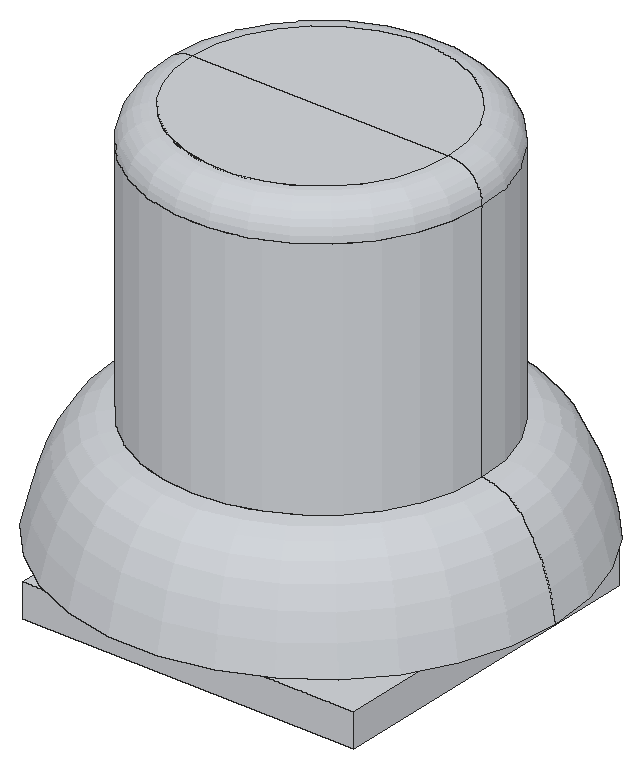
Revit family "M_Ventilador de exaustão - Vento abaixo", category Equipamento mecânico, Revit 2019
Family settings
  Cota do conector redondo = Utilizar diâmetro
  Tipo de parte = Normal
  Número OmniClass = 23.75.70.21.27.21
  Título OmniClass = Penthouse Ventilators
  ID de item do Seek = Exhaust Ventilator - Downblast-0000-CAN-ENU
  Com base no plano de trabalho = Não
  Sempre na vertical = Sim
  Corte com vazios quando carregada = Não
  Compartilhado = Não
  Ponto de cálculo do ambiente = Não
Parameters (values of type "Padrão")
  Conector = 375 mm
  Assembly Code = ""
Reference planes
  plane 1 "Centro (Frente/Trás)": y = 0
  plane 2: z = 0
  plane 3 "Centro (Esquerda/Direita)": x = 0
Forms (mm)
  Extrusion 1, solid
    sketch origin (0, 0, 0) x (1, 0, 0) y (0, 1, 0)
      loop
        line (-254, 254) -> (-254, -254) -> (254, -254) -> (254, 254) -> (-254, 254)
    from 0 to 50.8
  Revolve 2, solid
    sketch origin (0, 0, 0) x (1, 0, 0) y (0, 0, 1)
      loop
        line (0, 96.837) -> (361.156, 96.837)
        spline (361.156, 96.837) -> (355.451, 122.729) -> (349.064, 146.369) -> (341.993, 167.758) -> (334.241, 186.895) -> (325.806, 203.781) -> (316.688, 218.415) -> (306.888, 230.798) -> (296.405, 240.93) -> (285.24, 248.81) -> (273.393, 254.438) -> (260.863, 257.816) -> (247.65, 258.941)
        line (247.65, 258.941) -> (247.65, 631.825)
        arc (247.65, 631.825) -> (232.771, 667.746) -> (196.85, 682.625) r 50.8
        line (196.85, 682.625) -> (0, 682.625) -> (0, 96.837)
      axis (0, 682.625) -> (0, 96.838)
    angle from 0 to 360
  Extrusion 3, solid
    sketch origin (0, 0, 0) x (1, 0, 0) y (0, 1, 0)
      loop
        line (-196.85, 196.85) -> (-196.85, -196.85) -> (196.85, -196.85) -> (196.85, 196.85) -> (-196.85, 196.85)
    from 50.8 to 96.837
Dimensions and locks
  aligned and locked: plane 3 "Centro (Esquerda/Direita)" to Revolve 2 sketch curve
  aligned and locked: Revolve 2 sketch curve to plane 3 "Centro (Esquerda/Direita)"
  aligned and locked: Revolve 2 sketch curve to Revolve 2 sketch curve
  aligned and locked: Revolve 2 to Extrusion 3
  aligned and locked: Extrusion 3 to Extrusion 1
Connectors
  hvac at (0, 0, 0), driven by "Conector", driven by "Conector"
    settings: on Extrusion 1, index 0, duct flow 424.753 L/s, flow factor 0, pres drop 0.0 Pa, loss coef 0, conn angle 0.00°, conn width 375 mm, conn height 375 mm, conn diameter 609.6 mm, duct sys type 3, conn prof type 1, flow config 1, flow direction 1, loss method 0, conn ref index -1, conn util no, is conn primary yes, conn desc ""
